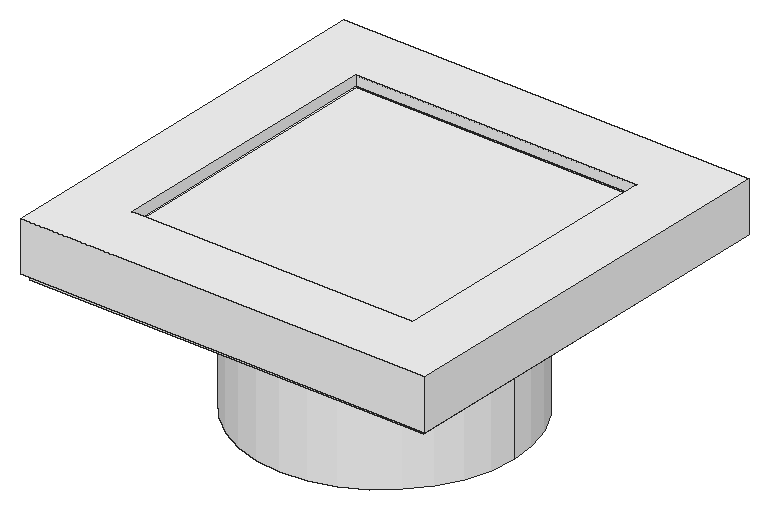
Revit family "Gira_110401", category Electrical Fixtures, host Face, Revit 2017
Family settings
  Host = Face
  Maintain Annotation Orientation = Yes
  Round Connector Dimension = Use Diameter
  Part Type = Normal
  Cut with Voids When Loaded = No
  Shared = No
  Room Calculation Point = No
Parameters (values of type "Rocker sw. hotel room status displ. System 55 cr.white")
  With mounting plate = "No"
  Wiring system = "Series switch"
  White [instance] = White
  Washing machine switch = "No"
  URL = "http://katalog.gira.de/en/datenblatt.html?artikelnr=110401"
  Type of fastening = "Mounting with claw and screw"
  Surface protection = "Other"
  Surface finishing = "Glossy"
  Suitable for degree of protection (IP) = "IP20"
  Rated current = "10"
  RAL-number (akin) = "1013"
  Push button switch = "No"
  Number of rockers = "2"
  Number of modules (module system) = "1"
  Nominal voltage = "250"
  Name = "Rocker sw. hotel room status displ. System 55 cr.white"
  Mounting method = "Flush mounted (plaster)"
  Model = "Sys55_Komplettgerät_Schalten und Tasten"
  Method of operation = "Rocker/button"
  Material quality = "Thermoplastic"
  Material = "Plastic"
  Manufacturer URL = "https://www.gira.de/"
  Manufacturer = "Gira"
  Label space/information surface = "No"
  Illumination = "No"
  HeinzeBIM = "https://bimportal.heinze.de/bim/rocker-sw-hotel-room-status-displ-system-55-cr-white/34cb5ede3f06f9b5670cf2ee9926abbb9b8f6662"
  Halogen free = "Yes"
  HAN = "110401"
  GTIN = "4010337104018"
  Feedback-signal contact = "No"
  Description = "Rock.sw.h-room stat.displ. Sys55 CW,Rocker switch, 10 AX 250 V~ with rocker, 2-gang for displaying hotel room status,,cream white glossy,Features:,- Switch for hotel room status display Do not disturb\" and \"Make up room\".,- With block to prevent both sides from being switched on.,- Locked both electrically and mechanically.\""
  Default Elevation = 1219.2 mm
  Data sheet (1) = "https://katalog.gira.de/en/download.html?artikelnr=110401"
  Connection type = "Plug clamp"
  Colour = "Cream white (electro white)"
  Category = "Switch"
  BIM (1) = "https://media.stage.bim.site/public/gira/36a6b08/Sys55_Komplettgerät_Schalten und Tasten.rfa?public/gira/36a6b08/Sys55_Komplettgerät_Schalten und Tasten.rfa"
  Available = "No"
  Assembly arrangement = "Basic element with central cover plate"
Reference planes
  plane 1 "Center (Front/Back)": y = 0
  plane 2: z = 0
  plane 3 "Center (Left/Right)": x = 0
Forms (mm)
  Extrusion 1, solid, material "White" <- "White", detail levels medium
    sketch origin (0, 0, 0) x (1, 0, 0) y (0, 1, 0)
      loop
        line (-40.4, 40.4) -> (-40.4, -40.4) -> (40.4, -40.4) -> (40.4, 40.4) -> (-40.4, 40.4)
      loop
        line (-28, 28) -> (-28, -28) -> (28, -28) -> (28, 28) -> (-28, 28)
    from 0 to 10
  Extrusion 2, solid, material "White" <- "White", detail levels fine
    sketch origin (0, 0, 0) x (1, 0, 0) y (0, 1, 0)
      loop
        line (-40.4, 40.4) -> (-40.4, -40.4) -> (40.4, -40.4) -> (40.4, 40.4) -> (-40.4, 40.4)
      loop
        line (-28, 28) -> (-28, -28) -> (28, -28) -> (28, 28) -> (-28, 28)
    from 0 to 10
  Extrusion 3, void
    sketch origin (0, 0, 0) x (1, 0, 0) y (0, 1, 0)
      loop
        line (-38.4, 38.4) -> (-38.4, -38.4) -> (38.4, -38.4) -> (38.4, 38.4) -> (-38.4, 38.4)
    from 0 to 8
  Extrusion 4, solid, material "White" <- "White", detail levels medium+fine
    sketch origin (0, 0, 0) x (1, 0, 0) y (0, 1, 0)
      loop
        line (-39.4, 39.4) -> (-39.4, -39.4) -> (39.4, -39.4) -> (39.4, 39.4) -> (-39.4, 39.4)
    from 0 to -1
  Extrusion 5, solid, material "White" <- "White", detail levels medium+fine
    sketch origin (0, 0, 0) x (1, 0, 0) y (0, 1, 0)
      loop
        line (-35.5, 35.5) -> (-35.5, -35.5) -> (35.5, -35.5) -> (35.5, 35.5) -> (-35.5, 35.5)
    from -2 to -3
  Extrusion 6, solid, material "White" <- "White", detail levels medium+fine
    sketch origin (0, 0, 0) x (1, 0, 0) y (0, 1, 0)
      loop
        circle (0, 0) r 26
    from 0 to -27.5
  Extrusion 7, solid, material "White" <- "White", detail levels coarse
    sketch origin (0, 0, 0) x (1, 0, 0) y (0, 1, 0)
      loop
        line (-40.4, 40.4) -> (-40.4, -40.4) -> (40.4, -40.4) -> (40.4, 40.4) -> (-40.4, 40.4)
    from -27.5 to 10
Cuts and joins
  Extrusion 3 cuts Extrusion 2
Dimensions and locks
  aligned and locked: plane 2 to host face
  aligned and locked: level to host face
  aligned and locked: plane 3 "Center (Left/Right)" to nested 2
  aligned and locked: plane 1 "Center (Front/Back)" to nested 2
Nested families
  nested 1: "Sys55_Abdeckung_Schalten und Tasten_floor_base" at (0, 0, 0), type "Sys55_Abdeckung_Schalten und Tasten_floor_base"
  nested 2: "Schalter" at (0, 0, 0), type "Schalter"
Connectors
  electrical at (0, 0, -27.5)
    settings: on Extrusion 6, index 1, voltage 220 V, apparent load 0 VA, apparent load phase1 0 VA, apparent load phase2 0 VA, apparent load phase3 0 VA, power factor 1, load classification "Other", number of poles 1, system type 30, power factor state 1, is connector primary yes, connector utility no, sub classification motor no, connector description ""
Definition of nested family "Sys55_Abdeckung_Schalten und Tasten_floor_base"
  Parameters
    Default Elevation = 1219.2 mm
    White [instance] = none
  Reference planes
    plane 1 "Center (Front/Back)": y = 0
    plane 2: z = 0
    plane 3 "Center (Left/Right)": x = 0
  Forms (mm)
    Extrusion 1, solid
      sketch origin (0, 0, 0) x (1, 0, 0) y (0, 1, 0)
        loop
          line (-1219.2, 1219.2) -> (-1219.2, -1219.2) -> (1219.2, -1219.2) -> (1219.2, 1219.2) -> (-1219.2, 1219.2)
      from 0 to -304.8
    Extrusion 2, solid, material <- "White", detail levels fine
      sketch origin (0, 0, 0) x (1, 0, 0) y (0, 1, 0)
        loop
          line (-27.5, 27.5) -> (-27.5, -27.5) -> (27.5, -27.5) -> (27.5, 27.5) -> (-27.5, 27.5)
      from 0 to 8
    Extrusion 3, void
      sketch origin (0, 0, 0) x (1, 0, 0) y (0, 1, 0)
        loop
          line (26, 26) -> (-26, 26) -> (-26, -26) -> (26, -26) -> (26, 26)
      from 0 to 6
    Extrusion 4, solid, material <- "White", detail levels medium
      sketch origin (0, 0, 0) x (1, 0, 0) y (0, 1, 0)
        loop
          line (-27.5, 27.5) -> (-27.5, -27.5) -> (27.5, -27.5) -> (27.5, 27.5) -> (-27.5, 27.5)
      from 0 to 8
    Extrusion 5, solid, material <- "White", detail levels medium
      sketch origin (0, 0, 0) x (1, 0, 0) y (0, 1, 0)
        loop
          line (11, -17.5) -> (11, 17.5) -> (-11, 17.5) -> (-11, -17.5) -> (11, -17.5)
      from -6 to 6
    Extrusion 6, solid, material <- "White", detail levels fine
      sketch origin (0, 0, 0) x (1, 0, 0) y (0, 1, 0)
        loop
          line (11, 17.5) -> (-11, 17.5) -> (-11, 16.5) -> (11, 16.5) -> (11, 17.5)
        loop
          line (-11, -16.5) -> (-11, -17.5) -> (11, -17.5) -> (11, -16.5) -> (-11, -16.5)
      from -4 to 6
    Extrusion 7, solid, material <- "White", detail levels fine
      sketch origin (0, 0, 0) x (1, 0, 0) y (0, 1, 0)
        loop
          arc (5, 9.347) -> (0, 10.6) -> (-5, 9.347) r 10.6
          line (-5, 9.347) -> (-5, -9.347)
          arc (-5, -9.347) -> (0, -10.6) -> (5, -9.347) r 10.6
          line (5, -9.347) -> (5, 9.347)
      from -6 to 6
    Extrusion 8, solid, material <- "White", detail levels coarse
      sketch origin (0, 0, 0) x (1, 0, 0) y (0, 1, 0)
        loop
          line (-27.5, 27.5) -> (-27.5, -27.5) -> (27.5, -27.5) -> (27.5, 27.5) -> (-27.5, 27.5)
      from -6 to 8
  Cuts and joins
    Extrusion 3 cuts Extrusion 2
  Dimensions and locks
    aligned and locked: plane 2 to Extrusion 1
    aligned and locked: level to Extrusion 1
Definition of nested family "Schalter"
  Reference planes
    plane 1: y = 0
    plane 2: x = 0
  Lines and regions (mm)
    detail lines
      curve 1: circle (1.375, 2.778, 0) r 0.8 normal (0, 0, 1)
      curve 2: line (1.021, 2.061, 0) -> (0, 0, 0)
      curve 3: line (0, 0, 0) -> (-0.538, 0.266, 0)
  Dimensions and locks
    curve 2 to curve 2 = 2.3 mm
    curve 3 to curve 2 = 0.6 mm
    radius of curve 1 = 0.8 mm
